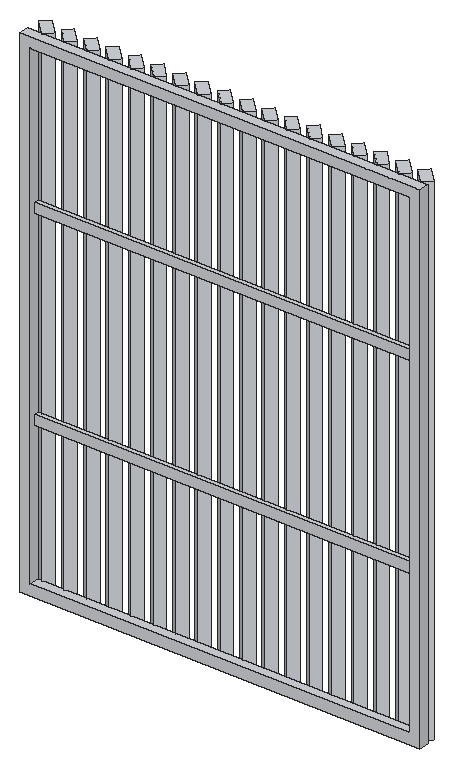
Revit family "Privacy Screen_Virtical Members", category Generic Models, Revit 2025
Family settings
  Can host rebar = No
  Round Connector Dimension = Use Diameter
  Part Type = Normal
  Work Plane-Based = No
  Always vertical = Yes
  Cut with Voids When Loaded = No
  Maintain Annotation Orientation = No
  Shared = No
  Room Calculation Point = No
Parameters
  Screen height = 2500 mm
  Screen Width = 2000 mm
  Post Width = 100 mm
  Post Height = Screen height  # 2500 mm
  Post Depth = 50 mm
  Material = none
  Frame Width = 50 mm
  Frame Depth = 50 mm
  Default Elevation = 0 mm
  Bottom Battern Height = 750 mm
  Battern Width = 25 mm
  Battern Thickness = 50 mm
  Battern Space = 1000 mm
  Battern Length = Screen Width - 2 * Frame Depth  # 1900 mm
  Baluster Start = 50 mm  # constant formula
  Baluster Count = (((Screen Width - 2 * Frame Depth - 2 * Baluster Start) / Post Depth)) / 2  # 18
Reference planes
  plane 1 "Center (Front/Back)": y = 0
  plane 2: z = 0
  plane 3 "Center (Left/Right)": x = 0
  plane 4: x = -1000
  plane 5: x = 1000
  plane 6: z = 2500
  plane 7: z = 50
  plane 8: x = -950
  plane 9: x = 950
  plane 10: z = 2450
  plane 11: y = -25
  plane 12: y = 25
  plane 13: x = -900
  plane 14: x = -950
  plane 15: x = 900
  plane 16: x = 950
  plane 17: z = 750
  plane 18: z = 1750
  plane 19: y = 0
  plane 20: x = -1000
  plane 21: x = -893.934
  plane 22: x = 893.934
  plane 23: x = 1000
  plane 24: x = -888.592
  plane 25: x = -782.526
  plane 26: x = -777.184
  plane 27: x = -671.118
  plane 28: x = -665.776
  plane 29: x = -559.71
  plane 30: x = -554.368
  plane 31: x = -448.302
  plane 32: x = -442.961
  plane 33: x = -336.895
  plane 34: x = -331.553
  plane 35: x = -225.487
  plane 36: x = -220.145
  plane 37: x = -114.079
  plane 38: x = -108.737
  plane 39: x = -2.671
  plane 40: x = 2.671
  plane 41: x = 108.737
  plane 42: x = 114.079
  plane 43: x = 220.145
  plane 44: x = 225.487
  plane 45: x = 331.553
  plane 46: x = 336.895
  plane 47: x = 442.961
  plane 48: x = 448.302
  plane 49: x = 554.368
  plane 50: x = 559.71
  plane 51: x = 665.776
  plane 52: x = 671.118
  plane 53: x = 777.184
  plane 54: x = 782.526
  plane 55: x = 888.592
  plane 56: y = 106.066
  plane 57: y = 0
  plane 58: y = 106.066
  plane 59: y = 0
  plane 60: y = 106.066
  plane 61: y = 0
  plane 62: y = 106.066
  plane 63: y = 0
  plane 64: y = 106.066
  plane 65: y = 0
  plane 66: y = 106.066
  plane 67: y = 0
  plane 68: y = 106.066
  plane 69: y = 0
  plane 70: y = 106.066
  plane 71: y = 0
  plane 72: y = 106.066
  plane 73: y = 0
  plane 74: y = 106.066
  plane 75: y = 0
  plane 76: y = 106.066
  plane 77: y = 0
  plane 78: y = 106.066
  plane 79: y = 0
  plane 80: y = 106.066
  plane 81: y = 0
  plane 82: y = 106.066
  plane 83: y = 0
  plane 84: y = 106.066
  plane 85: y = 0
  plane 86: y = 106.066
  plane 87: y = 0
  plane 88: y = 106.066
  plane 89: y = 0
  plane 90: y = 106.066
  plane 91: y = 0
Forms (mm)
  Sweep 1, solid, material <- "Material"
    path origin (0, 0, 0) x (1, 0, 0) y (0, 0, 1)
      loop
        line (-1000, 0) -> (1000, 0) -> (1000, 2500) -> (-1000, 2500) -> (-1000, 0)
    profile origin (-1000, 0, 1250) x (0, -1, 0) y (1, 0, 0)
      loop
        line (0, 0) -> (50, 0) -> (50, 50) -> (0, 50) -> (0, 0)
Dimensions and locks
  equal spacing: plane 4, plane 3 "Center (Left/Right)", plane 5
  "Screen Width": plane 4 to plane 5
  "Screen height": plane 6 to plane 2
  "Frame Depth": Sweep 1 sketch curve to Sweep 1 sketch curve
  "Frame Width": Sweep 1 sketch curve to Sweep 1 sketch curve
  "Frame Depth": plane 7 to plane 2
  "Frame Depth": plane 8 to plane 4
  "Frame Depth": plane 9 to plane 5
  "Frame Depth": plane 10 to plane 6
  equal spacing: plane 12, plane 1 "Center (Front/Back)", plane 11
  "Frame Width": plane 12 to plane 11
  "Frame Depth": plane 4 to plane 14
  "Baluster Start": plane 14 to plane 13
  "Frame Depth": plane 5 to plane 16
  "Baluster Start": plane 15 to plane 16
  equal spacing: group 1, group 3, group 4, group 5, group 6, group 7, group 8, group 9, group 10, group 11, group 12, group 13, group 14, group 15, group 16, group 17, group 18, group 2  (x3)
  "Bottom Battern Height": plane 17 to level
  "Battern Space": plane 18 to plane 17
  "Battern Width": plane 11 to plane 19
  aligned and locked: level to plane 2
  aligned and locked: Sweep 1 sketch curve to level
  aligned and locked: Sweep 1 sketch curve to plane 4
  aligned and locked: plane 6 to Sweep 1 sketch curve
  aligned and locked: Sweep 1 sketch curve to plane 5
  aligned and locked: nested 1 to plane 3 "Center (Left/Right)"
  aligned and locked: plane 11 to nested 1
  aligned and locked: nested 1 to plane 17
  aligned and locked: plane 11 to nested 2
  aligned and locked: nested 2 to plane 3 "Center (Left/Right)"
  aligned and locked: plane 18 to nested 2
  aligned and locked: profile plane to Sweep 1 sketch curve
  aligned and locked: plane 4 to plane 20
  aligned and locked: plane 23 to plane 5
  aligned and locked: plane 57 to plane 1 "Center (Front/Back)"
  aligned and locked: plane 59 to plane 1 "Center (Front/Back)"
  aligned and locked: nested 5 to level
  aligned and locked: nested 4 to plane 2
Automatic sketch dimensions
  Sweep 1 sketch curve to profile plane = 0 mm
Nested families
  nested 1: "Screen Front Battern" at (0, -12.5, 750) x (-1, 0, 0) z (0, 0, 1), type "Screen Front Battern"
    with Length 1900 mm
  nested 2: "Screen Front Battern" at (0, -12.5, 1700) x (-1, 0, 0) z (0, 0, 1), type "Screen Front Battern"
    with Length 1900 mm
  nested 3: "Screen Post" at (-835.559, 53.033, 0) x (-0.7071, 0.7071, 0) z (0, 0, 1), type "Screen Post"
    with Width 100 mm, Length 50 mm, Height 2500 mm
  nested 4: "Screen Post" at (-946.967, 53.033, 0) x (-0.7071, 0.7071, 0) z (0, 0, 1), type "Screen Post"
    with Width 100 mm, Length 50 mm, Height 2500 mm
  nested 5: "Screen Post" at (946.967, 53.033, 0) x (-0.7071, 0.7071, 0) z (0, 0, 1), type "Screen Post"
    with Width 100 mm, Length 50 mm, Height 2500 mm
  nested 6: "Screen Post" at (-724.151, 53.033, 0) x (-0.7071, 0.7071, 0) z (0, 0, 1), type "Screen Post"
    with Width 100 mm, Length 50 mm, Height 2500 mm
  nested 7: "Screen Post" at (-612.743, 53.033, 0) x (-0.7071, 0.7071, 0) z (0, 0, 1), type "Screen Post"
    with Width 100 mm, Length 50 mm, Height 2500 mm
  nested 8: "Screen Post" at (-501.335, 53.033, 0) x (-0.7071, 0.7071, 0) z (0, 0, 1), type "Screen Post"
    with Width 100 mm, Length 50 mm, Height 2500 mm
  nested 9: "Screen Post" at (-389.928, 53.033, 0) x (-0.7071, 0.7071, 0) z (0, 0, 1), type "Screen Post"
    with Width 100 mm, Length 50 mm, Height 2500 mm
  nested 10: "Screen Post" at (-278.52, 53.033, 0) x (-0.7071, 0.7071, 0) z (0, 0, 1), type "Screen Post"
    with Width 100 mm, Length 50 mm, Height 2500 mm
  nested 11: "Screen Post" at (-167.112, 53.033, 0) x (-0.7071, 0.7071, 0) z (0, 0, 1), type "Screen Post"
    with Width 100 mm, Length 50 mm, Height 2500 mm
  nested 12: "Screen Post" at (-55.704, 53.033, 0) x (-0.7071, 0.7071, 0) z (0, 0, 1), type "Screen Post"
    with Width 100 mm, Length 50 mm, Height 2500 mm
  nested 13: "Screen Post" at (55.704, 53.033, 0) x (-0.7071, 0.7071, 0) z (0, 0, 1), type "Screen Post"
    with Width 100 mm, Length 50 mm, Height 2500 mm
  nested 14: "Screen Post" at (167.112, 53.033, 0) x (-0.7071, 0.7071, 0) z (0, 0, 1), type "Screen Post"
    with Width 100 mm, Length 50 mm, Height 2500 mm
  nested 15: "Screen Post" at (278.52, 53.033, 0) x (-0.7071, 0.7071, 0) z (0, 0, 1), type "Screen Post"
    with Width 100 mm, Length 50 mm, Height 2500 mm
  nested 16: "Screen Post" at (389.928, 53.033, 0) x (-0.7071, 0.7071, 0) z (0, 0, 1), type "Screen Post"
    with Width 100 mm, Length 50 mm, Height 2500 mm
  nested 17: "Screen Post" at (501.335, 53.033, 0) x (-0.7071, 0.7071, 0) z (0, 0, 1), type "Screen Post"
    with Width 100 mm, Length 50 mm, Height 2500 mm
  nested 18: "Screen Post" at (612.743, 53.033, 0) x (-0.7071, 0.7071, 0) z (0, 0, 1), type "Screen Post"
    with Width 100 mm, Length 50 mm, Height 2500 mm
  nested 19: "Screen Post" at (724.151, 53.033, 0) x (-0.7071, 0.7071, 0) z (0, 0, 1), type "Screen Post"
    with Width 100 mm, Length 50 mm, Height 2500 mm
  nested 20: "Screen Post" at (835.559, 53.033, 0) x (-0.7071, 0.7071, 0) z (0, 0, 1), type "Screen Post"
    with Width 100 mm, Length 50 mm, Height 2500 mm
Definition of nested family "Screen Front Battern"
  Parameters (values of type "Screen Front Battern")
    Width = 25 mm
    Thickness = 50 mm
    Material = none
    Length = 1000 mm
    Default Elevation = 0 mm
  Reference planes
    plane 1 "Center (Front/Back)": y = 0
    plane 2: z = 0
    plane 3 "Center (Left/Right)": x = 0
    plane 4: y = 12.5
    plane 5: y = -12.5
    plane 6: x = -500
    plane 7: x = 500
    plane 8: z = 50
  Forms (mm)
    Extrusion 1, solid
      sketch origin (0, 0, 0) x (0, 1, 0) y (0, 0, 1)
        loop
          line (12.5, 0) -> (12.5, 50) -> (-12.5, 50) -> (-12.5, 0) -> (12.5, 0)
      from -500 to 500
  Dimensions and locks
    equal spacing: plane 5, plane 1 "Center (Front/Back)", plane 4
    equal spacing: plane 6, plane 3 "Center (Left/Right)", plane 7
    "Length": plane 6 to plane 7
    "Thickness": plane 8 to plane 2
    equal spacing: plane 4, plane 1 "Center (Front/Back)", plane 5
    "Width": plane 4 to plane 5
    aligned and locked: level to plane 2
    aligned and locked: level to Extrusion 1 sketch curve
    aligned and locked: Extrusion 1 sketch curve to plane 4
    aligned and locked: Extrusion 1 sketch curve to plane 8
    aligned and locked: Extrusion 1 sketch curve to plane 5
    aligned and locked: Extrusion 1 to plane 6
    aligned and locked: Extrusion 1 to plane 7
Definition of nested family "Screen Post"
  Parameters (values of type "Screen Post")
    Width = 150 mm
    Material = none
    Length = 150 mm
    Height = 1500 mm
    Default Elevation = 0 mm
  Reference planes
    plane 1 "Center (Front/Back)": y = 0
    plane 2: z = 0
    plane 3 "Center (Left/Right)": x = 0
    plane 4: y = 75
    plane 5: y = -75
    plane 6: x = -75
    plane 7: x = 75
    plane 8: z = 1500
  Forms (mm)
    Extrusion 1, solid, material <- "Material"
      sketch origin (0, 0, 0) x (1, 0, 0) y (0, 1, 0)
        loop
          line (-75, -75) -> (75, -75) -> (75, 75) -> (-75, 75) -> (-75, -75)
      from 0 to 1500
  Dimensions and locks
    equal spacing: plane 5, plane 1 "Center (Front/Back)", plane 4
    "Length": plane 4 to plane 5
    equal spacing: plane 6, plane 3 "Center (Left/Right)", plane 7
    "Width": plane 6 to plane 7
    "Height": plane 8 to plane 2
    aligned and locked: level to plane 2
    aligned and locked: plane 5 to Extrusion 1 sketch curve
    aligned and locked: Extrusion 1 sketch curve to plane 6
    aligned and locked: plane 4 to Extrusion 1 sketch curve
    aligned and locked: Extrusion 1 sketch curve to plane 7
    aligned and locked: plane 8 to Extrusion 1
    aligned and locked: Extrusion 1 to level
